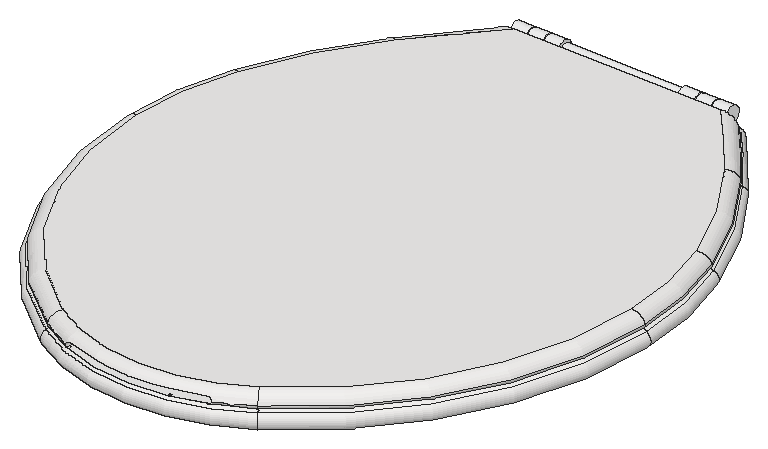
Revit family "ok-Celite_Universal_Assento para Bacia Sanitária Soft Close_00988", category Plumbing Fixtures, Revit 2014
Parameters (values of type "Branco - 00988")
  WFU = 0
  Type Comments = ""
  Outros Complementos [instance] = "N/A"
  Assento [instance] = Celite - Louça_Branca
  HWFU = 0
  URL = "http://www.celite.com.br"
  Selo de Qualidade ofcdesk = "Standard"  # constant formula
  Model = Celite: Código  # "00988"
  Acessório [instance] = Celite - Cromado
  Manufacturer = Celite: Fabricante  # "Celite"
  Description = Celite: Descrição  # "Assento soft close universal para bacia sanitária cor branco (00988), linha Universal - Louças Celite"
  Default Elevation = 0 mm
  Desenvolvido por = "ofcdesk"  # constant formula
  Celite: Versão = "Autodesk Revit MEP 2014"  # constant formula
  Celite: Tipo = "Assentos para bacias"  # constant formula
  Celite: Produto = "Assentos"  # constant formula
  Celite: Norma = "ABNT NBR 15097-1: 2011 - Requisitos e métodos de ensaio"
  Celite: Link do Produto = "http://www.celite.com.br/pt/produtos/categoria/4/linha/17/"
  Celite: Linha = "Universal"  # constant formula
  Celite: Informações Técnicas [instance] = "N/A"
  Celite: Informações Gerais [instance] = "N/A"
  Celite: Fabricante = "Celite"  # constant formula
  Celite: Desenho Técnico = "N/A"
  Celite: Descrição = "Assento soft close universal para bacia sanitária cor branco (00988), linha Universal - Louças Celite"
  Celite: Código = "00988"
  Celite: Cores Disponíveis = "Branco"
  Celite: Copyright © = "© 2014 Celite"  # constant formula
  Celite: Complementos [instance] = "N/A"
  Celite: Categoria = "Assentos"  # constant formula
  Celite: Altura da Peça [instance] = 0 mm
  CWFU = 0
  Assembly Code = "D2010400"
Reference planes
  plane 1 "Center (Front/Back)": y = -81.088
  plane 2: z = 0
  plane 3 "Center (Left/Right)": x = 0
Forms (mm)
  Sweep 1, solid, material "Celite - Louça_Branca" <- "Assento"
    path origin (-39.954, -1554.714, 3.236) x (0, -1, 0) y (1, 0, 0)
      loop
        arc (-1505.097, 109.752) -> (-1470.679, 141.344) -> (-1434.654, 171.092) r 892.368
        arc (-1434.654, 171.092) -> (-1394.151, 197.965) -> (-1349.952, 218.193) r 310.763
        arc (-1349.952, 218.193) -> (-1311.316, 228.623) -> (-1271.457, 232.185) r 229.579
        arc (-1271.457, 232.185) -> (-1152.878, 202.524) -> (-1062.534, 120.19) r 250
        arc (-1062.534, 120.19) -> (-1038.395, 40) -> (-1062.534, -40.19) r 145.267
        arc (-1062.534, -40.19) -> (-1152.878, -122.524) -> (-1271.457, -152.185) r 250
        arc (-1271.457, -152.185) -> (-1311.316, -148.623) -> (-1349.952, -138.193) r 229.579
        arc (-1349.952, -138.193) -> (-1394.151, -117.965) -> (-1434.654, -91.092) r 310.763
        arc (-1434.654, -91.092) -> (-1470.679, -61.344) -> (-1505.097, -29.752) r 892.368
    profile origin (0.046, -516.318, 3.236) x (0, -1, 0) y (0, 0, 1)
      loop
        arc (-18.302, -3.156) -> (-12.83, 1.007) -> (-15.38, 7.392) r 5.678
        arc (-15.38, 7.392) -> (-17.254, 8.334) -> (-19.247, 8.988) r 14.092
        line (-19.247, 8.988) -> (-18.217, 8.988)
        arc (-18.217, 8.988) -> (-16.884, 9.646) -> (-16.597, 11.104) r 1.678
        arc (-16.597, 11.104) -> (-19.774, 15.839) -> (-25.175, 17.667) r 8.887
        line (-25.175, 17.667) -> (-26.817, 17.667) -> (-26.817, -3.156) -> (-18.302, -3.156)
  Extrusion 2, solid, material "Celite - Louça_Branca" <- "Assento"
    sketch origin (220.967, -315.783, 20.903) x (-0.819188, 0.573525, 0) y (-0.573525, -0.819188, 0)
      loop
        arc (373.837, 42.982) -> (372.727, 87.381) -> (364.706, 131.064) r 283.946
        arc (364.706, 131.064) -> (352.681, 164.3) -> (335.068, 194.942) r 202.762
        arc (335.068, 194.942) -> (252.664, 266.474) -> (146.196, 290.389) r 223.183
        arc (146.196, 290.389) -> (81.344, 269.012) -> (39.068, 215.387) r 118.45
        arc (39.068, 215.387) -> (25.113, 107.163) -> (64.134, 5.258) r 223.183
        arc (64.134, 5.258) -> (86.901, -21.776) -> (114.017, -44.446) r 202.762
        arc (114.017, -44.446) -> (152.32, -66.929) -> (193.659, -83.163) r 283.946
        arc (193.659, -83.163) -> (233.372, -94.244) -> (273.567, -103.421) r 865.551
        line (273.567, -103.421) -> (365.533, -39.034)
        arc (365.533, -39.034) -> (370.662, 1.875) -> (373.837, 42.982) r 865.551
    from -17.667 to 0
  Extrusion 3, solid, material "Celite - Cromado" <- "Acessório"
    sketch origin (-39.954, 117.952, -372.541) x (0, -1, 0) y (0, 0, 1)
      loop
        circle (199.006, 388.968) r 5.437
    from 0 to 11
  Extrusion 4, solid, material "Celite - Cromado" <- "Acessório"
    sketch origin (-39.954, 117.952, -372.541) x (0, -1, 0) y (0, 0, 1)
      loop
        circle (199.006, 388.968) r 5.437
    from 11 to 22
  Extrusion 5, solid, material "Celite - Cromado" <- "Acessório"
    sketch origin (-39.954, 117.952, -372.541) x (0, -1, 0) y (0, 0, 1)
      loop
        circle (199.006, 388.968) r 5.437
    from 22 to 33
  Extrusion 6, solid, material "Celite - Cromado" <- "Acessório"
    sketch origin (40.046, 117.952, -372.541) x (0, 1, 0) y (0, 0, 1)
      loop
        circle (-199.006, 388.968) r 5.437
    from 0 to 11
  Extrusion 7, solid, material "Celite - Cromado" <- "Acessório"
    sketch origin (40.046, 117.952, -372.541) x (0, 1, 0) y (0, 0, 1)
      loop
        circle (-199.006, 388.968) r 5.437
    from 11 to 22
  Extrusion 8, solid, material "Celite - Cromado" <- "Acessório"
    sketch origin (40.046, 117.952, -372.541) x (0, 1, 0) y (0, 0, 1)
      loop
        circle (-199.006, 388.968) r 5.437
    from 22 to 33
  Extrusion 9, void
    sketch origin (0.046, -280.06, -358.318) x (0, -1, 0) y (0, 0, 1)
      loop
        line (-198.94, 370.541) -> (-193.569, 370.541) -> (-193.569, 388.941) -> (-232.034, 388.941) -> (-232.034, 351.78) -> (-198.94, 351.78) -> (-198.94, 370.541)
    from 128.672 to -127.945
  Extrusion 10, solid, material "Celite - Cromado" <- "Acessório"
    sketch origin (-0.017, -30.714, -386.764) x (0, 1, 0) y (0, 0, 1)
      loop
        circle (-50.34, 403.191) r 3.908
    from -39.936 to 40.064
  Extrusion 11, void
    sketch origin (-389.146, 0, 1200) x (-1, 0, 0) y (0, 0, 1)
      loop
        line (-343.145, -1183.201) -> (-435.24, -1183.201)
        arc (-435.24, -1183.201) -> (-437.908, -1184.541) -> (-438.428, -1187.482) r 3.328
        line (-438.428, -1187.482) -> (-339.956, -1187.482)
        arc (-339.956, -1187.482) -> (-340.476, -1184.541) -> (-343.145, -1183.201) r 3.328
    from -553.121 to -475.018
Cuts and joins
  Extrusion 9, Extrusion 11 cuts Sweep 1
  Extrusion 9 cuts Extrusion 2
  joined: Sweep 1, Extrusion 2
  joined: Extrusion 3, Extrusion 5, Extrusion 6, Extrusion 8, Extrusion 10
Dimensions and locks
  aligned and locked: level to plane 2
